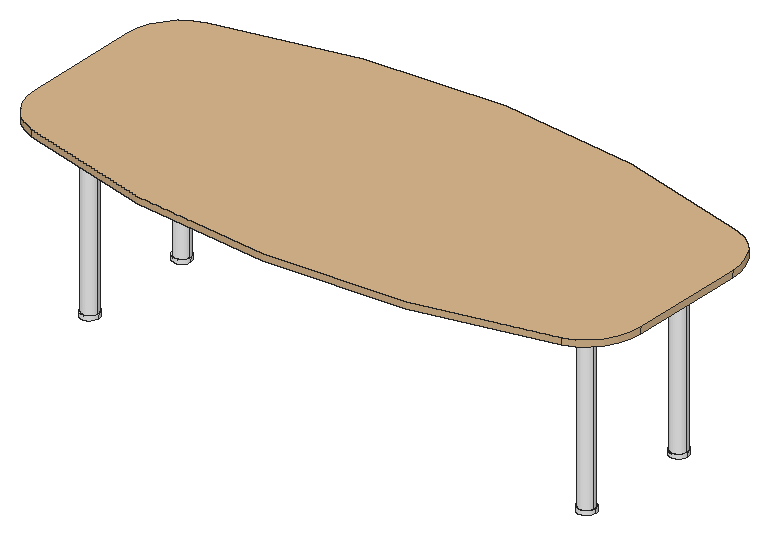
Revit family
Parameters (values of type "2400 x 1200")
  Vis - Symbolic Hidden = yes
  Material Table = Wood - Birch
  Model = "Meeting Table"
  Manufacturer = "Revit"
  Material Leg = Metal - Chrome
  Keynote = "N"
  Description = "Table"
  Assembly Code = "E2020200"
Reference planes
  plane 1: z = 0
  plane 2 "Center (Left/Right)": x = 0
  plane 3: y = -188.822
  plane 4: x = -984.721
  plane 5: x = 984.721
  plane 6: y = 39.653
  plane 7: y = -417.297
Forms (mm)
  Extrusion 1, solid, material "Wood - Birch" <- "Material Table"
    sketch origin (0, 0, 0) x (1, 0, 0) y (0, 1, 0)
      loop
        arc (1051.36, 244.359) -> (0, 411.178) -> (-1051.36, 244.359) r 3396.449
        arc (-1051.36, 244.359) -> (-1158.921, 166.143) -> (-1200, 39.653) r 215.279
        line (-1200, 39.653) -> (-1200, -417.297)
        arc (-1200, -417.297) -> (-1158.921, -543.786) -> (-1051.36, -622.002) r 215.279
        arc (-1051.36, -622.002) -> (0, -788.822) -> (1051.36, -622.002) r 3396.449
        arc (1051.36, -622.002) -> (1158.921, -543.786) -> (1200, -417.297) r 215.279
        line (1200, -417.297) -> (1200, 39.653)
        arc (1200, 39.653) -> (1158.921, 166.143) -> (1051.36, 244.359) r 215.279
    from 700 to 725
Lines and regions (mm)
  Masking region 1
    outline origin (0, 0, 0) x (1, 0, 0) y (0, 1, 0)
      loop
        arc (-1051.36, 244.359) -> (-1158.921, 166.143) -> (-1200, 39.653) r 215.279
        line (-1200, 39.653) -> (-1200, -417.297)
        arc (-1200, -417.297) -> (-1158.921, -543.786) -> (-1051.36, -622.002) r 215.279
        arc (-1051.36, -622.002) -> (0, -788.822) -> (1051.36, -622.002) r 3396.449
        arc (1051.36, -622.002) -> (1158.921, -543.786) -> (1200, -417.297) r 215.279
        line (1200, -417.297) -> (1200, 39.653)
        arc (1200, 39.653) -> (1158.921, 166.143) -> (1051.36, 244.359) r 215.279
        arc (1051.36, 244.359) -> (0, 411.178) -> (-1051.36, 244.359) r 3396.449
  symbolic lines, visible <- "Vis - Symbolic Hidden"
    curve 1: arc (1051.36, 244.359, 0) -> (0, 411.178, 0) -> (-1051.36, 244.359, 0) r 3396.449
    curve 2: arc (-1051.36, 244.359, 0) -> (-1158.921, 166.143, 0) -> (-1200, 39.653, 0) r 215.279
    curve 3: line (-1200, 39.653, 0) -> (-1200, -417.297, 0)
    curve 4: arc (-1200, -417.297, 0) -> (-1158.921, -543.786, 0) -> (-1051.36, -622.002, 0) r 215.279
    curve 5: arc (-1051.36, -622.002, 0) -> (0, -788.822, 0) -> (1051.36, -622.002, 0) r 3396.449
    curve 6: arc (1051.36, -622.002, 0) -> (1158.921, -543.786, 0) -> (1200, -417.297, 0) r 215.279
    curve 7: line (1200, -417.297, 0) -> (1200, 39.653, 0)
    curve 8: arc (1200, 39.653, 0) -> (1158.921, 166.143, 0) -> (1051.36, 244.359, 0) r 215.279
  symbolic lines, style "Hidden Lines", visible <- "Vis - Symbolic Hidden"
    curve 9: arc (-1027.721, 39.653, 0) -> (-984.721, -3.347, 0) -> (-941.721, 39.653, 0) r 43
    curve 10: arc (-941.721, 39.653, 0) -> (-984.721, 82.653, 0) -> (-1027.721, 39.653, 0) r 43
    curve 11: arc (-941.721, -417.297, 0) -> (-984.721, -374.297, 0) -> (-1027.721, -417.297, 0) r 43
    curve 12: arc (-1027.721, -417.297, 0) -> (-984.721, -460.297, 0) -> (-941.721, -417.297, 0) r 43
    curve 13: arc (941.721, -417.297, 0) -> (984.721, -460.297, 0) -> (1027.721, -417.297, 0) r 43
    curve 14: arc (1027.721, -417.297, 0) -> (984.721, -374.297, 0) -> (941.721, -417.297, 0) r 43
    curve 15: arc (941.721, 39.653, 0) -> (984.721, -3.347, 0) -> (1027.721, 39.653, 0) r 43
    curve 16: arc (1027.721, 39.653, 0) -> (984.721, 82.653, 0) -> (941.721, 39.653, 0) r 43
Dimensions and locks
  aligned and locked: Extrusion 1 to nested 1
  aligned and locked: Masking region 1 sketch curve to curve 2
  aligned and locked: Masking region 1 sketch curve to curve 3
  aligned and locked: Masking region 1 sketch curve to curve 4
  aligned and locked: Masking region 1 sketch curve to curve 5
  aligned and locked: Masking region 1 sketch curve to curve 6
  aligned and locked: Masking region 1 sketch curve to curve 7
  aligned and locked: Masking region 1 sketch curve to curve 8
  aligned and locked: Masking region 1 sketch curve to curve 1
  aligned and locked: curve 9 to nested 2
  aligned and locked: curve 10 to nested 2
  aligned and locked: curve 11 to nested 1
  aligned and locked: curve 12 to nested 1
  aligned and locked: curve 13 to nested 3
  aligned and locked: curve 14 to nested 3
  aligned and locked: curve 15 to nested 4
  aligned and locked: curve 16 to nested 4
Nested families
  nested 1: "Leg" at (-984.721, -417.297, 0), type "Height 700mm"
  nested 2: "Leg" at (-984.721, 39.653, 0), type "Height 700mm"
  nested 3: "Leg" at (984.721, -417.297, 0) x (-1, 0, 0) z (0, 0, 1), type "Height 700mm"
  nested 4: "Leg" at (984.721, 39.653, 0) x (-1, 0, 0) z (0, 0, 1), type "Height 700mm"
Definition of nested family "Leg"
  Parameters (values of type "Height 700mm")
    Model = "Abacus"
    Manufacturer = "LM"
    Leg Material = none
    Description = "Table Leg"
    Assembly Code = "E2020200"
  Reference planes
    plane 1 "Center (Front/Back)": y = 0
    plane 2: z = 0
    plane 3 "Center (Left/Right)": x = 0
  Forms (mm)
    Revolve 1, solid, material <- "Leg Material"
      sketch origin (0, 0, 0) x (1, 0, 0) y (0, 0, 1)
        loop
          line (0, 15) -> (0, 700) -> (-43, 700) -> (-33, 650) -> (-30, 650) -> (-30, 15) -> (0, 15)
        axis (0, 15) -> (0, 700)
      angle from 0 to 360
    Extrusion 2, solid, material <- "Leg Material"
      sketch origin (0, 0, 0) x (1, 0, 0) y (0, 1, 0)
        loop
          circle (0, 0) r 35
      from 0 to 15
  Dimensions and locks
    aligned and locked: plane 3 "Center (Left/Right)" to Revolve 1 sketch curve
    aligned and locked: Revolve 1 to Extrusion 2
